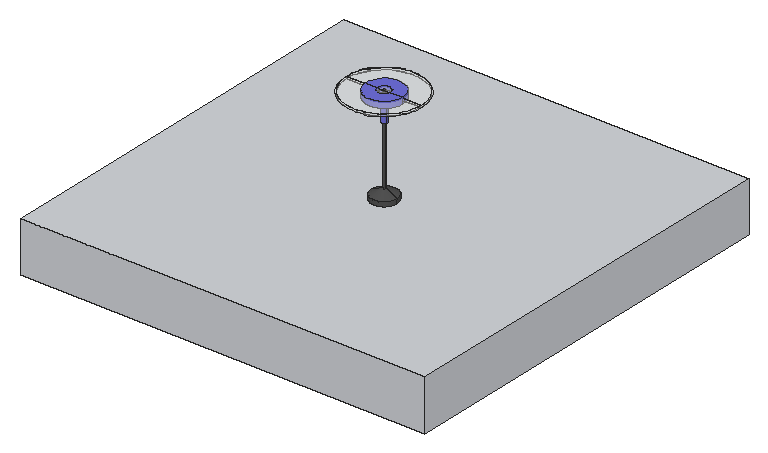
Revit family "M_Luminária de forro - Disco", category Luminárias, Revit 2019
Family settings
  Hospedeiro = Face
  Cota do conector redondo = Utilizar diâmetro
  Tipo de parte = Normal
  Número OmniClass = 23.80.70.11.11
  Título OmniClass = General Luminaries, Non Directional
  ID de item do Seek = Pendant Light - Disk-0000-CAN-ENU
  Corte com vazios quando carregada = Não
  Fonte luminosa = Sim
  Compartilhado = Não
  Ponto de cálculo do ambiente = Não
Parameters (values of type "100W - 120V")
  Wattage = 100 W
  built-in parameter 1150110 = 1 (stored number, unit not read)
  Comentários de tipos = "3,5\" Raio mínimo"
  built-in parameter 1150109 = 1 (stored number, unit not read)
  built-in parameter 1150134 = 4
  built-in parameter 1150113 = 1 (stored number, unit not read)
  Tilt Angle = -90.00°
  Arquivo de rede fotométrica = "WLB1A19.ies"
  Lumens = 1690 lm
  built-in parameter 1114217 = 1 (stored number, unit not read)
  built-in parameter 1150115 = 1 (stored number, unit not read)
  built-in parameter 1150105 = 134.49 (stored number, unit not read)
  Classificação de carga = Iluminação - Unidade de interrupção
  built-in parameter 1150137 = 1
  built-in parameter 1150139 = (empty or 0)
  built-in parameter 1150112 = 1 (stored number, unit not read)
  built-in parameter 1150114 = 1 (stored number, unit not read)
  Lâmpada = "A-19"
  built-in parameter 1150132 = (empty or 0)
  built-in parameter 1150102 = (empty or 0)
  built-in parameter 1150138 = (empty or 0)
  built-in parameter 1150107 = 2800 (stored number, unit not read)
  built-in parameter 1150106 = 1.3449 (stored number, unit not read)
  Raio do vidro = 225 mm
  Material de vidro = Vidro - Claro, Cinza
  Raio da luminária = Raio do vidro * 0.5  # 112.5 mm
  Material hidráulico = Plástico - Azul
  Emitir do diâmetro do círculo = Raio da luminária * 2  # 225 mm
  Emitir forma visível na renderização = no
  built-in parameter 1150104 = 1.5701 (stored number, unit not read)
  Cair do forro = 600 mm
  Troca de temperatura da cor de lâmpada com esmaecimento = <Nenhum>
  Elevação-padrão = 1200 mm
  Filtro de cor = 16777215
  Material montado no forro = Aço, Cromo polido
  built-in parameter 1140040 [instance] = 1
  Voltagem do transformador = 120 V
  Transformador por número de postes = 1
  built-in parameter 1114218 = 1 (stored number, unit not read)
  built-in parameter 1150133 = 10 (stored number, unit not read)
  Código de montagem = "D5020220"
  Carga aparente = 100 VA
Types (5, lengths in mm): name | Wattage | Comentários de tipos | Arquivo de rede fotométrica | Lumens | built-in parameter 1150105 | Lâmpada | built-in parameter 1150106 | Raio do vidro | Raio da luminária | Emitir do diâmetro do círculo | built-in parameter 1150104 | Cair do forro | Voltagem do transformador | Carga aparente
  (no name) | 100 W | "3,5\" Raio mínimo" | "WLB1A19.ies" | 1690 lm | 134.49 (stored number, unit not read) | "A-19" | 1.3449 (stored number, unit not read) | 225 | 112.5 | 225 | 1.5701 (stored number, unit not read) | 600 | 120 V | 100 VA
  100W - 120V | 100 W | "3,5\" Raio mínimo" | "WLB1A19.ies" | 1690 lm | 134.49 (stored number, unit not read) | "A-19" | 1.3449 (stored number, unit not read) | 225 | 112.5 | 225 | 1.5701 (stored number, unit not read) | 600 | 120 V | 100 VA
  100W - 277V | 100 W | "3,5\" Raio mínimo" | "WLB1A19.ies" | 1690 lm | 134.49 (stored number, unit not read) | "A-19" | 1.3449 (stored number, unit not read) | 228.6 | 114.3 | 228.6 | 1.5701 (stored number, unit not read) | 609.6 | 277 V | 100 VA
  150W - 120V | 150 W | 0 | "PLD1A21.ies" | 2779.5 lm | 221.19 (stored number, unit not read) | "A-21" | 2.2119 (stored number, unit not read) | 225 | 112.5 | 225 | 1.7215 (stored number, unit not read) | 600 | 120 V | 150 VA
  150W - 277V | 150 W | 0 | "PLD1A21.ies" | 2779.5 lm | 221.19 (stored number, unit not read) | "A-21" | 2.2119 (stored number, unit not read) | 225 | 112.5 | 225 | 1.7215 (stored number, unit not read) | 600 | 277 V | 150 VA
Reference planes
  plane 1 "Centro (Frente/Trás)": y = 0
  plane 2: z = 0
  plane 3 "Centro (Esquerda/Direita)": x = 0
  plane 4: x = -76.2
  plane 5: z = 25.4
  plane 6: z = 61.119
  plane 7: z = 57.944
  plane 8: z = 600
  plane 9: x = -225
  plane 10: z = 568.25
  plane 11: z = 587.3
  plane 12: z = 580.95
  plane 13: z = 574.6
  plane 14: x = -15.875
  plane 15: x = -38.1
  plane 16: x = -112.5
  plane 17: z = 415.85
  plane 18: z = 551.581
Forms (mm)
  Extrusion 1, solid
    sketch origin (0, 0, 0) x (1, 0, 0) y (0, 1, 0)
      loop
        line (-1219.2, 1219.2) -> (-1219.2, -1219.2) -> (1219.2, -1219.2) -> (1219.2, 1219.2) -> (-1219.2, 1219.2)
    from 0 to -304.8
  Revolve 2, solid, material "Aço, Cromo polido" <- "Material montado no forro"
    sketch origin (0, 0, 0) x (1, 0, 0) y (0, 0, 1)
      loop
        line (0, 0) -> (0, 61.119) -> (-76.2, 25.4) -> (-76.2, 0) -> (0, 0)
      axis (0, 61.119) -> (0, 0)
    angle from 0 to 360
  Revolve 3, solid, material "Vidro - Claro, Cinza" <- "Material de vidro"
    sketch origin (0, 0, 0) x (1, 0, 0) y (0, 0, 1)
      loop
        arc (-225, 580.95) -> (-231.35, 574.6) -> (-225, 568.25) r 6.35
        line (-225, 568.25) -> (0, 568.25) -> (0, 580.95) -> (-225, 580.95)
      axis (0, 568.25) -> (0, 580.95)
    angle from 0 to 360
  Extrusion 4, solid, material "Aço, Cromo polido" <- "Material montado no forro"
    sketch origin (0, 0, 0) x (1, 0, 0) y (0, 1, 0)
      loop
        circle (0, 0) r 6.35
    from 0 to 587.3
  Revolve 5, solid, material "Plástico - Azul" <- "Material hidráulico"
    sketch origin (0, 0, 0) x (1, 0, 0) y (0, 0, 1)
      loop
        line (0, 415.85) -> (0, 568.25) -> (-38.1, 568.25) -> (-38.1, 587.3) -> (-112.5, 587.3) -> (-112.5, 551.581) -> (-15.875, 551.581) -> (-15.875, 415.85) -> (0, 415.85)
      axis (0, 587.3) -> (0, 415.85)
    angle from 0 to 360
Cuts and joins
  joined: Revolve 2, Extrusion 4
Dimensions and locks
  "Cair do forro": plane 8 to plane 2
  "Raio do vidro": plane 3 "Centro (Esquerda/Direita)" to plane 9
  plane 8 to plane 11 = 12.7 mm
  plane 11 to plane 12 = 6.35 mm
  plane 12 to plane 10 = 12.7 mm
  plane 13 to plane 10 = 6.35 mm
  plane 3 "Centro (Esquerda/Direita)" to plane 14 = 15.875 mm
  plane 3 "Centro (Esquerda/Direita)" to plane 15 = 38.1 mm
  "Raio da luminária": plane 3 "Centro (Esquerda/Direita)" to plane 16
  plane 8 to plane 17 = 184.15 mm
  plane 8 to plane 18 = 48.419 mm
  aligned and locked: plane 2 to Extrusion 1
  aligned and locked: level to Extrusion 1
  aligned and locked: Revolve 2 sketch curve to plane 3 "Centro (Esquerda/Direita)"  (x2)
  aligned and locked: plane 4 to Revolve 2 sketch curve
  aligned and locked: plane 2 to Revolve 2 sketch curve
  aligned and locked: plane 12 to Revolve 3 sketch curve
  aligned and locked: Revolve 3 sketch curve to plane 10
  aligned and locked: plane 3 "Centro (Esquerda/Direita)" to Revolve 3 sketch curve  (x2)
  aligned and locked: plane 9 to Revolve 3 sketch curve
  aligned and locked: plane 13 to Revolve 3 sketch curve
  aligned and locked: plane 3 "Centro (Esquerda/Direita)" to Extrusion 4 sketch curve
  aligned and locked: plane 1 "Centro (Frente/Trás)" to Extrusion 4 sketch curve
  aligned and locked: plane 11 to Extrusion 4
  aligned and locked: Revolve 5 sketch curve to plane 3 "Centro (Esquerda/Direita)"  (x2)
  aligned and locked: plane 14 to Revolve 5 sketch curve
  aligned and locked: plane 16 to Revolve 5 sketch curve
  aligned and locked: Revolve 5 sketch curve to plane 11
  aligned and locked: Revolve 5 sketch curve to plane 10
  aligned and locked: plane 18 to Revolve 5 sketch curve
  aligned and locked: plane 17 to Revolve 5 sketch curve
  aligned and locked: plane 1 "Centro (Frente/Trás)" to imposter light
  aligned and locked: plane 8 to imposter light
  aligned and locked: plane 3 "Centro (Esquerda/Direita)" to imposter light
Automatic sketch dimensions
  Extrusion 1 sketch curve to Extrusion 1 sketch curve = 2438.4 mm  (x2)
  Revolve 2 sketch curve to plane 5 = 0 mm
  Revolve 2 sketch curve to plane 6 = 0 mm
  Revolve 2 sketch curve to level = 88.186 mm
  plane 5 to Revolve 2 sketch curve = 13.414 mm
  Revolve 3 sketch curve to plane 9 = 0 mm
  Revolve 3 sketch curve to plane 11 = 0 mm
  plane 8 to Revolve 3 sketch curve = 101.6 mm
  Revolve 5 sketch curve to plane 15 = 0 mm
  Revolve 5 sketch curve to plane 18 = 50.113 mm
  plane 8 to Revolve 5 sketch curve = 85.618 mm
  radius of Extrusion 4 sketch curve = 6.35 mm
Connectors
  electrical at (0, 0, 587.3), driven by "Carga aparente", driven by "Voltagem do transformador", driven by "Transformador por número de postes", driven by "Classificação de carga"
    settings: on cut or joined group of Revolve 2, Extrusion 4, index 1, voltage 120 V, apparent load 0 VA, apparent load phase1 100 VA, apparent load phase2 0 VA, apparent load phase3 0 VA, power factor 0.95, load classification "Iluminação - Unidade de interrupção", number of poles 1, system type 31, power factor state 1, is connector primary yes, connector utility no, sub classification motor no, connector description ""
